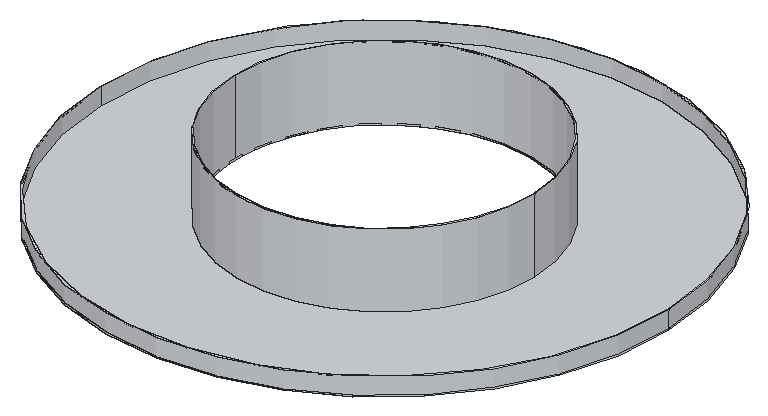
Revit family "vent_cap", category Generic Models, Revit 2025
Family settings
  Can host rebar = No
  Round Connector Dimension = Use Diameter
  Part Type = Normal
  Work Plane-Based = No
  Always vertical = Yes
  Cut with Voids When Loaded = No
  Maintain Annotation Orientation = No
  Shared = No
  Room Calculation Point = No
Parameters
  Nominal Diameter = 1' - 0"
  Lip Size = Diameter * 0.0294  # 0' - 0.6664"
  Collar OD = Nominal Diameter  # 1' - 0"
  Gauge = 0' - 0 1/16"
  Diameter Inner = Diameter - Gauge  # 1' - 10.6043"
  Diameter = Nominal Diameter * 1.8889  # 1' - 10.6668"
  Default Elevation = 0' - 0"
  Collar Length = 0' - 3"
  Collar ID = Collar OD - Gauge  # 0' - 11 15/16"
Reference planes (in)
  plane 1 "Center (Front/Back)": y = 0
  plane 2: z = 0
  plane 3 "Center (Left/Right)": x = 0
  plane 4: y = 11.3334
  plane 5: y = -11.3334
  plane 6: x = -11.3334
  plane 7: x = 11.3334
  plane 8: z = 0.0625
  plane 9: z = -3
Forms (in)
  Extrusion 1, solid
    sketch origin (0, 0, 0) x (1, 0, 0) y (0, 1, 0)
      loop
        circle (0, 0) r 11.3334
    from 0 to 0.0625 <- "Gauge"
  Extrusion 2, solid
    sketch origin (-8.82302, -180, 0.0625) x (-1, 0, 0) y (0, -1, 0)
      loop
        circle (-8.82302, -180) r 11.3334
      loop
        circle (-8.82302, -180) r 11.30215
    from 0 to 0.6664 <- "Lip Size"
  Extrusion 3, solid
    sketch origin (0, 0, 0) x (1, 0, 0) y (0, 1, 0)
      loop
        circle (0, 0) r 6
      loop
        circle (0, 0) r 5.96875
    from 0 to 3 <- "Collar Length"
  Extrusion 4, void
    sketch origin (0, 0, 0) x (0, 1, 0) y (1, 0, 0)
      loop
        circle (0, 0) r 5.96875
    from 0 to -0.0625
Cuts and joins
  Extrusion 4 cuts Extrusion 1
Dimensions and locks (in)
  equal spacing: plane 5, plane 1 "Center (Front/Back)", plane 4
  equal spacing: plane 6, plane 3 "Center (Left/Right)", plane 7
  "Diameter": plane 4 to plane 5
  "Diameter": plane 6 to plane 7
  "Gauge": plane 8 to plane 2
  "Collar Length": plane 2 to plane 9
  "Diameter": diameter of Extrusion 1 sketch curve
  "Diameter": diameter of Extrusion 2 sketch curve
  "Diameter Inner": diameter of Extrusion 2 sketch curve
  "Collar OD": diameter of Extrusion 3 sketch curve
  "Collar ID": diameter of Extrusion 3 sketch curve
  "Collar ID": diameter of Extrusion 4 sketch curve
  aligned and locked: plane 2 to level
  aligned and locked: plane 3 "Center (Left/Right)" to Extrusion 1 sketch curve
  aligned and locked: plane 1 "Center (Front/Back)" to Extrusion 1 sketch curve
  aligned and locked: plane 3 "Center (Left/Right)" to Extrusion 2 sketch curve  (x2)
  aligned and locked: plane 1 "Center (Front/Back)" to Extrusion 2 sketch curve  (x2)
  aligned and locked: plane 3 "Center (Left/Right)" to Extrusion 3 sketch curve  (x2)
  aligned and locked: plane 1 "Center (Front/Back)" to Extrusion 3 sketch curve  (x2)
  aligned and locked: plane 3 "Center (Left/Right)" to Extrusion 4 sketch curve
  aligned and locked: plane 1 "Center (Front/Back)" to Extrusion 4 sketch curve
  aligned and locked: Extrusion 1 to Extrusion 4
